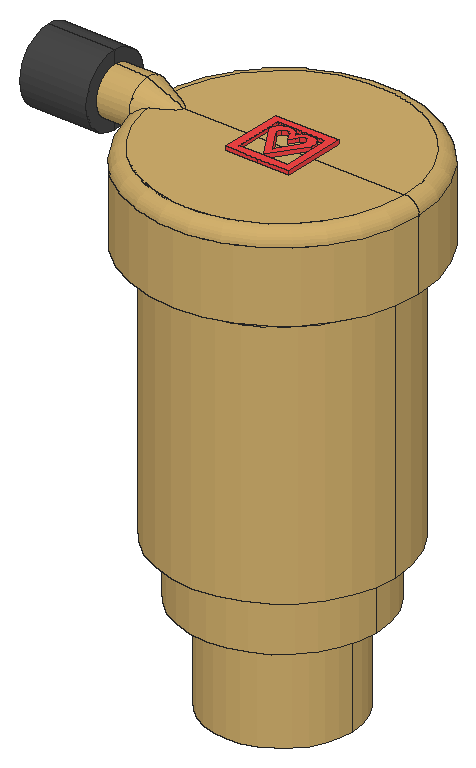
Revit family "Be- u. Entlüfter 2630 03", category Rohrzubehör, Revit 2021
Family settings
  Bemaßung runder Anschluss = Durchmesser verwenden
  Teiletyp = Normal
  OmniClass-Nummer = 23.65.55.14
  OmniClass-Titel = Valves for Liquid Services
  Arbeitsebenenbasiert = Nein
  Immer vertikal = Ja
  Beim Laden mit Abzugskörper schneiden = Nein
  Gemeinsam genutzt = Nein
Parameters
  Vorgabe-Ansicht = 0.000 mm
  URL = "www.herz-armaturen.at"
  Schwimmer = "Polypropylen"  # constant formula
  SCRNSEQ = "AWI;AWI_TYP=\"1013\";1"
  SCRNCODE = "05;14;01"  # constant formula
  S04 = 11.000 mm  # constant formula
  S03 = 24.500 mm  # constant formula
  S02 = 12.500 mm  # constant formula
  S01 = 59.000 mm  # constant formula
  R01 = 2.000 mm  # constant formula
  Nennweite AG [instance] = 20.000 mm  # constant formula
  Min.Betriebstemperatur = 0 °C  # constant formula
  Medium = "Heizungswasser nach ÖNORM H5195 oder VDI- Richtlinie 2035. Die Verwendung von Ethylen- oder Propyleneglykol in einem Mischungsverhältnis von 25 - 50% ist zulässig. EPDM-Dichtungen können durch Mineralöle und Schmiermittel beeinflusst werden, was zum Versagen der EPDM-Dichtungen führen kann. Bitte beachten Sie die Dokumentation des Herstellers, wenn Ethylenglykol-Produkte für den Frost- und Korrosionsschutz verwendet werden."
  Max.Strukturdruck = 1200000.0 Pa  # constant formula
  Max.Betriebstemperatur = 110 °C  # constant formula
  Max.Betriebsdruck = 800000.0 Pa  # constant formula
  L04 = L00 - L01  # 24.000 mm
  L03 = 13.500 mm  # constant formula
  L02 = 4.800 mm  # constant formula
  L01 = 9.500 mm  # constant formula
  L00 = 33.500 mm  # constant formula
  Hersteller = "Herz-Armaturen GmbH"  # constant formula
  H08 = 8.000 mm  # constant formula
  H07 = 22.000 mm  # constant formula
  H06 = 14.000 mm  # constant formula
  H05 = 59.000 mm - 1.000 mm  # 58.000 mm
  H04 = H03 - D03  # 57.900 mm
  H03 = 63.000 mm  # constant formula
  H02 = 9.500 mm  # constant formula
  H01 = 12.000 mm  # constant formula
  H00 = 71.500 mm  # constant formula
  Gehäuse = "geschmiedetes Messing nach EN 12165, CW617N"  # constant formula
  G2 [instance] = Nennweite AG / 2  # 10.000 mm
  G1 = 5.000 mm  # constant formula
  Dichtungen = "NBR"  # constant formula
  Deckel = "geschmiedetes Messing nach EN 12165, CW617N"  # constant formula
  D06 = 13.500 mm  # constant formula
  D05 = 0.800 mm  # constant formula
  D04 = 3.400 mm  # constant formula
  D03 = 5.100 mm  # constant formula
  D02 = 19.500 mm  # constant formula
  D01 = 16.200 mm  # constant formula
  Bestellnummer [instance] = if(Nennweite AG = 20.000 mm, 1263003, 0)  # 1263003
  Aussengewindeanschluss = "nach ISO 228"  # constant formula
  Anwendungsgebiet = "Der automatische Schnellentlüfter wird in Heizungs- und Kühlungssysteme zur Entlüftung der Anlage verwendet. Das Ventil sollte in der Nähe des Boilers oder am höchsten Punkt der Anlage installiert werden, um eine garantierte Entlüftung der Anlage an die Umgebung zu gewährleisten."
  Adapter = "Messing CW617N, EN 12165"  # constant formula
  Abdeckkappe = "Polypropylen, Schwarz"  # constant formula
Reference planes
  plane 1 "Mitte (Vorne/hinten)": y = 0
  plane 2: z = 0
  plane 3 "Mitte (Links/rechts)": x = 0
Forms (mm)
  Revolve 1, solid, material "Messing", detail levels fine
    sketch origin (0, 0, 0) x (1, 0, 0) y (0, 0, 1)
      loop
        line (0, -12.5) -> (0, 59) -> (-17.5, 59)
        arc (-17.5, 59) -> (-18.914, 58.414) -> (-19.5, 57) r 2
        line (-19.5, 57) -> (-19.5, 47) -> (-18.2, 47)
        arc (-18.2, 47) -> (-16.786, 46.414) -> (-16.2, 45) r 2
        line (-16.2, 45) -> (-16.2, 9.5) -> (-13.5, 9.5) -> (-13.5, 1.5) -> (-10, 1.5) -> (-10, -12.5) -> (0, -12.5)
      axis (0, 59) -> (0, -12.5)
    angle from 0 to 360
  Revolve 2, solid, material "Kunststoff - schwarz", detail levels fine
    sketch origin (0, 0, 0) x (1, 0, 0) y (0, 0, 1)
      loop
        line (-33.5, 57.9) -> (-24, 57.9) -> (-24, 63) -> (-33.5, 63) -> (-33.5, 57.9)
      axis (-33.5, 57.9) -> (-24, 57.9)
    angle from 0 to 360
  Revolve 3, solid, material "Messing", detail levels fine
    sketch origin (0, 0, 0) x (1, 0, 0) y (0, 0, 1)
      loop
        line (-24, 57.9) -> (0, 57.9) -> (0, 58.7) -> (-13.5, 58.7) -> (-19.2, 61.3) -> (-24, 61.3) -> (-24, 57.9)
      axis (-24, 57.9) -> (0, 57.9)
    angle from 0 to 360
Lines and regions (mm)
  model lines
    curve 1: line (0, 19.55, 0) -> (0, 0, 0)
  model lines, detail levels coarse+medium
    curve 2: line (0, 59, 0) -> (-11.455, 47.545, 0)
    curve 3: line (0, 59, 0) -> (11.455, 47.545, 0)
    curve 4: circle (0, 34.5, 0) r 11 normal (0, 0, 1)
    curve 5: line (0, 10, 0) -> (-11.455, 21.455, 0)
    curve 6: line (0, 10, 0) -> (11.455, 21.455, 0)
    curve 7: line (0, 59, 0) -> (0, 45.5, 0)
    curve 8: line (0, 23.5, 0) -> (0, -12.5, 0)
    curve 9: line (0, 0, 59) -> (-11.455, 0, 47.545)
    curve 10: line (0, 0, 59) -> (11.455, 0, 47.545)
    curve 11: circle (0, 0, 34.5) r 11 normal (0, -1, 0)
    curve 12: line (0, 0, 10) -> (-11.455, 0, 21.455)
    curve 13: line (0, 0, 10) -> (11.455, 0, 21.455)
    curve 14: line (0, 0, 59) -> (0, 0, 45.5)
    curve 15: line (0, 0, 23.5) -> (0, 0, -12.5)
    curve 16: line (0, 0, 59) -> (0, -11.455, 47.545)
    curve 17: line (0, 0, 59) -> (0, 11.455, 47.545)
    curve 18: circle (0, 0, 34.5) r 11 normal (1, 0, 0)
    curve 19: line (0, 0, 10) -> (0, -11.455, 21.455)
    curve 20: line (0, 0, 10) -> (0, 11.455, 21.455)
Dimensions and locks
  "D01": Revolve 1 sketch curve to Revolve 1 sketch curve
  "D02": Revolve 1 sketch curve to Revolve 1 sketch curve
  "H01": Revolve 1 sketch curve to Revolve 1 sketch curve
  "D03": Revolve 2 sketch curve to Revolve 2 sketch curve
  "L01": Revolve 2 sketch curve to Revolve 2 sketch curve
  "L00": Revolve 2 sketch curve to plane 3 "Mitte (Links/rechts)"
  "D04": Revolve 3 sketch curve to Revolve 3 sketch curve
  "L02": Revolve 3 sketch curve to Revolve 3 sketch curve
  "L03": Revolve 3 sketch curve to plane 3 "Mitte (Links/rechts)"
  "L04": Revolve 3 sketch curve to plane 3 "Mitte (Links/rechts)"
  "D05": Revolve 3 sketch curve to Revolve 3 sketch curve
  "H03": Revolve 2 sketch curve to plane 2
  "H04": Revolve 3 sketch curve to plane 2
  "H06": Revolve 1 sketch curve to Revolve 1 sketch curve
  "G2": Revolve 1 sketch curve to Revolve 1 sketch curve
  "H08": Revolve 1 sketch curve to Revolve 1 sketch curve
  "H00": Revolve 1 sketch curve to Revolve 1 sketch curve
  "S01": plane 1 "Mitte (Vorne/hinten)" to curve 7
  "S02": curve 8 to plane 1 "Mitte (Vorne/hinten)"
  "S03": curve 7 to curve 4 to curve 6
  "D01": curve 2 to curve 2
  "D01": curve 3 to curve 3
  "D01": curve 5 to curve 5
  "D01": curve 6 to curve 6
  "S01": curve 14 to plane 2
  "S02": plane 2 to curve 15
  "S03": curve 14 to curve 11 to curve 13
  "D01": curve 9 to curve 9
  "D01": curve 10 to curve 10
  "D01": curve 12 to curve 12
  "D01": curve 13 to curve 13
  "S01": curve 17 to plane 2
  "S03": curve 17 to curve 18 to curve 20
  "D01": curve 16 to curve 16
  "D01": curve 17 to curve 17
  "D01": curve 19 to curve 19
  "D01": curve 20 to curve 20
  "R01": radius of Revolve 1 sketch curve  (x2)
  "S04": radius of curve 4
  "S04": radius of curve 11
  "S04": radius of curve 18
  angle curve 2 to curve 7 = 45.00°
  angle curve 7 to curve 3 = 45.00°
  angle curve 8 to curve 5 = 45.00°
  angle curve 6 to curve 8 = 45.00°
  angle curve 9 to curve 14 = 45.00°
  angle curve 14 to curve 10 = 45.00°
  angle curve 15 to curve 12 = 45.00°
  angle curve 13 to curve 15 = 45.00°
  angle curve 16 to plane 1 "Mitte (Vorne/hinten)" = 45.00°
  angle plane 1 "Mitte (Vorne/hinten)" to curve 17 = 45.00°
  angle plane 1 "Mitte (Vorne/hinten)" to curve 19 = 45.00°
  angle curve 20 to plane 1 "Mitte (Vorne/hinten)" = 45.00°
  aligned and locked: level to plane 2
Automatic sketch dimensions
  curve 20 to plane 1 "Mitte (Vorne/hinten)" = 0.000 mm
  curve 18 to plane 1 "Mitte (Vorne/hinten)" = 0.000 mm
  curve 17 to plane 1 "Mitte (Vorne/hinten)" = 0.000 mm
  curve 10 to plane 3 "Mitte (Links/rechts)" = 0.000 mm
  curve 15 to plane 3 "Mitte (Links/rechts)" = 0.000 mm
  curve 11 to plane 3 "Mitte (Links/rechts)" = 0.000 mm
  curve 12 to plane 3 "Mitte (Links/rechts)" = 0.000 mm
  curve 2 to plane 3 "Mitte (Links/rechts)" = 0.000 mm
  plane 1 "Mitte (Vorne/hinten)" to curve 1 = 0.000 mm
  curve 1 to plane 3 "Mitte (Links/rechts)" = 0.000 mm
  curve 8 to plane 3 "Mitte (Links/rechts)" = 0.000 mm
  curve 4 to plane 3 "Mitte (Links/rechts)" = 0.000 mm
  curve 5 to plane 3 "Mitte (Links/rechts)" = 0.000 mm
  curve 1 to curve 8 = 3.950 mm
  Revolve 1 sketch curve to plane 3 "Mitte (Links/rechts)" = 0.000 mm  (x2)
  level to Revolve 1 sketch curve = 1.500 mm
  Revolve 1 sketch curve to Revolve 1 sketch curve = 3.500 mm
  Revolve 1 sketch curve to Revolve 1 sketch curve = 1987.500 mm
  Revolve 1 sketch curve to Revolve 1 sketch curve = 1937.000 mm
  Revolve 2 sketch curve to Revolve 2 sketch curve = 0.000 mm  (x3)
  Revolve 3 sketch curve to plane 3 "Mitte (Links/rechts)" = 0.000 mm
  Revolve 3 sketch curve to Revolve 3 sketch curve = 0.212 mm
  Revolve 3 sketch curve to plane 3 "Mitte (Links/rechts)" = 0.539 mm
  Revolve 3 sketch curve to Revolve 3 sketch curve = 0.000 mm
Nested families
  nested 1: "Herz-Logo" at (0, 0, 58), type "Herz-Logo", detail levels fine
Connectors
  piping at (0, 0, -12.5), diameter 20, driven by "Nennweite AG"
    settings: on Revolve 1, index 1, connector inside diameter 609.6 mm, connector length 0.000 mm, flow factor 0, pipe flow 0.0 L/s, pressure drop 0.0 Pa, fitting loss kfactor 0, connector angle 0.00°, fixture units 0, engagement length 0.000 mm, angle of deflection 0.00°, flow configuration 0, flow direction 1, fitting loss method 0, system type 29, joint type 0, gender type 0, connector reference index -1, connector utility 0, adjustable connector no, is connector primary yes, connector description ""
Definition of nested family "Herz-Logo"
  Parameters (values of type "Herz-Logo")
    Default Elevation = 0.000 mm
  Reference planes
    plane 1 "Mitte (Vorne/hinten)": y = 0
    plane 2: z = 0
    plane 3 "Mitte (Links/rechts)": x = 0
  Forms (mm)
    Extrusion 1, solid
      sketch origin (0, 0, 0) x (1, 0, 0) y (0, 1, 0)
        loop
          line (-0.018, -4.517) -> (4.482, -4.517) -> (4.482, 4.483) -> (-4.518, 4.483) -> (-4.518, -4.517) -> (-0.018, -4.517)
        loop
          line (-0.05, -3.48) -> (3.482, -3.48) -> (3.482, 3.483) -> (-3.518, 3.483) -> (-3.518, -3.48) -> (-0.05, -3.48)
        loop
          arc (-0.018, 2.383) -> (-1.543, 3.287) -> (-3.067, 2.383) r 1.738
          arc (-3.067, 2.383) -> (-3.191, 1.899) -> (-3.067, 1.415) r 1.009
          line (-3.067, 1.415) -> (-0.018, -3.281) -> (3.032, 1.415)
          arc (3.032, 1.415) -> (3.156, 1.899) -> (3.032, 2.383) r 1.009
          arc (3.032, 2.383) -> (1.507, 3.287) -> (-0.018, 2.383) r 1.738
        loop
          arc (1.885, 1.272) -> (2.005, 1.675) -> (1.885, 2.079) r 0.74
          arc (1.885, 2.079) -> (1.265, 2.416) -> (0.644, 2.079) r 0.74
          line (0.644, 2.079) -> (-0.018, 0.97) -> (-0.679, 2.079)
          arc (-0.679, 2.079) -> (-1.3, 2.416) -> (-1.921, 2.079) r 0.74
          arc (-1.921, 2.079) -> (-2.04, 1.675) -> (-1.921, 1.272) r 0.74
          line (-1.921, 1.272) -> (-0.018, -1.658) -> (1.885, 1.272)
      from 0 to 1.5
  Dimensions and locks
    aligned and locked: level to plane 2
